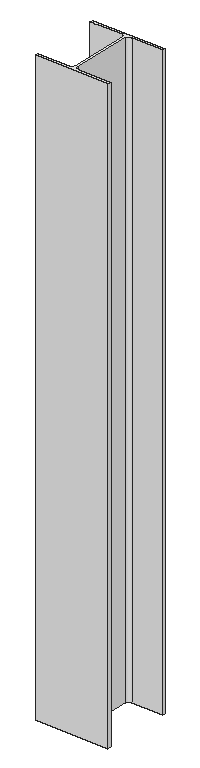
Revit family "STC_A3-UBP-Universal-Bearing-Pile-Column", category Structural Columns, Revit 2016
Family settings
  Section Shape = Not Defined
  Material for Model Behavior = Steel
  Always export as geometry = No
  Beam cutback in plan = From bounding box
  Cut with Voids When Loaded = No
  Symbolic Representation = From Project Settings
  Shared = No
  Show family pre-cut in plan views = Yes
Parameters (values of type "305x305x79UBP Universal Beam Pile")
  Structural Material [instance] = Metal - Steel - 345 MPa
  Assembly Code = ""
  A = 0.01 m²
  Ix = 16440
  M = 78.9
  Nominal h = "305"
  Zx = 1099
  b = 306.4 mm
  h = 299.3 mm
  r = 15.2 mm
  s = 11 mm
  t = 11.1 mm
Reference planes
  plane 1: y = 0
  plane 2: z = 0
  plane 3: x = 0
  plane 4: x = -153.2
  plane 5: x = 153.2
  plane 6: y = 149.65
  plane 7: y = -149.65
  plane 8: x = -3.969
  plane 9: x = 3.969
Forms (mm)
  Extrusion 1, solid, material "Metal - Steel - 345 MPa" <- "Structural Material", detail levels medium
    sketch origin (0, 0, 0) x (1, 0, 0) y (0, 1, 0)
      loop
        line (-153.2, 149.65) -> (-153.2, 138.55) -> (-5.5, 138.55) -> (-5.5, -138.55) -> (-153.2, -138.55) -> (-153.2, -149.65) -> (153.2, -149.65) -> (153.2, -138.55) -> (5.5, -138.55) -> (5.5, 138.55) -> (153.2, 138.55) -> (153.2, 149.65) -> (-153.2, 149.65)
    from 0 to 2500
  Extrusion 2, solid, material "Metal - Steel - 345 MPa" <- "Structural Material", detail levels fine
    sketch origin (0, 0, 0) x (1, 0, 0) y (0, 1, 0)
      loop
        line (-153.2, 149.65) -> (-153.2, 138.55) -> (-20.7, 138.55)
        arc (-20.7, 138.55) -> (-9.952, 134.098) -> (-5.5, 123.35) r 15.2
        line (-5.5, 123.35) -> (-5.5, -123.35)
        arc (-5.5, -123.35) -> (-9.952, -134.098) -> (-20.7, -138.55) r 15.2
        line (-20.7, -138.55) -> (-153.2, -138.55) -> (-153.2, -149.65) -> (153.2, -149.65) -> (153.2, -138.55) -> (20.7, -138.55)
        arc (20.7, -138.55) -> (9.952, -134.098) -> (5.5, -123.35) r 15.2
        line (5.5, -123.35) -> (5.5, 123.35)
        arc (5.5, 123.35) -> (9.952, 134.098) -> (20.7, 138.55) r 15.2
        line (20.7, 138.55) -> (153.2, 138.55) -> (153.2, 149.65) -> (-153.2, 149.65)
    from 0 to 2500
Lines and regions (mm)
  symbolic lines, style "StructuralColumnStickSymbols", detail levels coarse
    curve 1: line (-153.2, 149.65, 0) -> (153.2, 149.65, 0)
    curve 2: line (-153.2, -149.65, 0) -> (153.2, -149.65, 0)
    curve 3: line (0, 149.65, 0) -> (0, -149.65, 0)
  symbolic lines, style "Hidden Faces", detail levels medium+fine
    curve 4: line (-3.969, 0, 0) -> (-3.969, 0, 2500)
    curve 5: line (3.969, 0, 2500) -> (3.969, 0, 0)
Dimensions and locks
  equal spacing: plane 4, plane 3, plane 5
  equal spacing: plane 7, plane 1, plane 6
  "h": plane 7 to plane 6
  "b": plane 4 to plane 5
  "t": plane 7 to Extrusion 1 sketch curve
  "t": Extrusion 1 sketch curve to plane 6
  equal spacing: Extrusion 1 sketch curve, plane 3, Extrusion 1 sketch curve
  "s": Extrusion 1 sketch curve to Extrusion 1 sketch curve
  "r": radius of Extrusion 2 sketch curve  (x4)
  aligned and locked: plane 6 to Extrusion 1 sketch curve
  aligned and locked: Extrusion 1 sketch curve to plane 7
  aligned and locked: Extrusion 1 sketch curve to plane 4  (x2)
  aligned and locked: plane 5 to Extrusion 1 sketch curve  (x2)
  aligned and locked: Extrusion 1 sketch curve to Extrusion 1 sketch curve  (x2)
  aligned and locked: level to Extrusion 1
  aligned and locked: level to plane 2
  aligned and locked: Extrusion 1 to plane 2
  aligned and locked: plane 6 to Extrusion 2 sketch curve
  aligned and locked: plane 5 to Extrusion 2 sketch curve  (x2)
  aligned and locked: Extrusion 2 sketch curve to plane 4  (x2)
  aligned and locked: Extrusion 2 sketch curve to Extrusion 1  (x6)
  aligned and locked: Extrusion 2 sketch curve to plane 7
  aligned and locked: level to Extrusion 2
  aligned and locked: Extrusion 2 to level
Automatic sketch dimensions
  curve 2 to plane 4 = 0 mm
  curve 1 to plane 4 = 0 mm
  curve 3 to plane 3 = 0 mm
  curve 2 to plane 5 = 0 mm
  curve 1 to plane 5 = 0 mm
  curve 3 to plane 7 = 0 mm
  curve 3 to plane 6 = 0 mm
  curve 4 to level = 0 mm  (x2)
  curve 4 to plane 8 = 0 mm
  curve 5 to level = 0 mm  (x2)
  curve 5 to plane 9 = 0 mm
